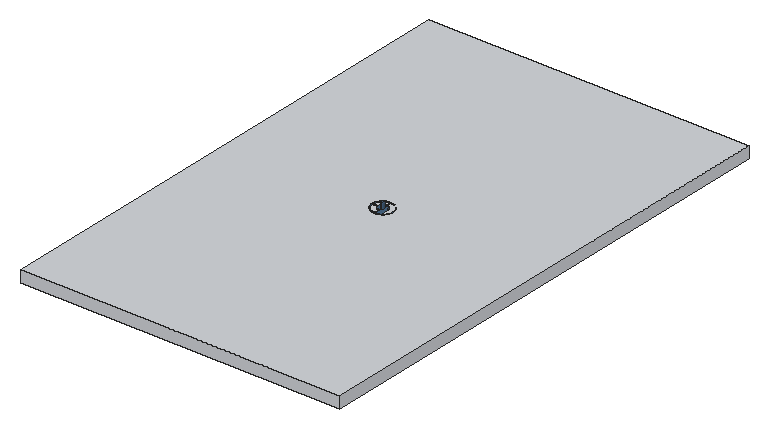
Revit family "Rough-In_Valve-3-Way_Diveter-Grohe-29903000", category Plumbing Fixtures, host Face, Revit 2019
Family settings
  Host = Face
  Round Connector Dimension = Use Radius
  Part Type = Normal
  OmniClass Number = 23.65.55.14.11
  OmniClass Title = Inlet/Outlet Valves for Liquid Services
  Cut with Voids When Loaded = No
  Shared = Yes
  Room Calculation Point = No
Parameters (values of type "29903000")
  Width = 3 1/8"  # constant formula
  Waste Connection = no
  Warranty Information = "Limited lifetime warranty"  # constant formula
  Warranty Documentation Link = "https://www.grohe.us/en_us/our-service/warranty/"
  Wall Thickness Constraint [instance] = if(Wall Thickness < 1 5/16", 1 5/16", if(Wall Thickness > 2 1/16", 2 1/16", Wall Thickness))  # 1 5/16"
  Wall Thickness [instance] = 1 5/16"
  WFU = 0  # constant formula
  Vent Connection = no
  URL = "https://www.grohe.us/"
  Type Comments = ""
  Tub Port Connection Description = if(Tub Port, "1/2'' NPT Tub Port Outlet ", "")  # "1/2'' NPT Tub Port Outlet "
  Tub Port = yes
  Tub Connection Radius = Tub Connection Diameter / 2  # 1/4"
  Tub Connection Diameter = if(Tub Port, 1/2", 0")  # 1/2"
  Tempered Water Connection Radius = Tempered Water Connection Diameter / 2  # 1/4"
  Tempered Water Connection Diameter = 1/2"  # constant formula
  Product Page URL = "https://www.grohe.us/Diverter-Valves-Trims/3-Way-Diverter-Rough-In-Valve-Shared-Functions/GROHE-NO-FINISH-29903000"
  Product Documentation Link = "https://americanstandard.box.com/shared/static/p2yo05x6sionpu55we6yda8c4tx4sanp.pdf"
  Price = "Prices may vary. Please consult Manufacturer Representative for most up-to-date price list."  # constant formula
  Model = "29903000"
  Material = "Brass-Grohe-Chrome"
  Manufacturer = "Grohe"
  Length = 3 1/8"  # constant formula
  Installation Type = "Wall Mounted"  # constant formula
  Hot Water Connection Radius = Hot Water Connection Diameter / 2  # 1/4"
  Hot Water Connection Diameter = 1/2"  # constant formula
  Height = 3 1/8"  # constant formula
  HWFU = 0  # constant formula
  HW Connection = yes
  Finish = Brass-Grohe-Chrome
  Description = "3-Way Diverter Rough-In Valve (Shared Functions)"
  Default Elevation = 40"  # constant formula
  Creation Date = "28/6/2021"  # constant formula
  Cold Water Connection Radius = Cold Water Connection Diameter / 2  # 1/4"
  Cold Water Connection Diameter = 1/2"  # constant formula
  CalGreen Compliant = yes
  CWFU = 0  # constant formula
  CW Connection = yes
  Assembly Code = "D2010710"
  ADA Compliant = yes
Reference planes (in)
  plane 1 "Center (Front/Back)": y = 0
  plane 2: z = -1.32065
  plane 3 "Center (Left/Right)": x = 0
  plane 4: x = 1.5625
  plane 5: y = 1.5625
  plane 6: x = -1.5625
  plane 7: y = -1.5625
  plane 8: x = -0.25
  plane 9: y = 0.25
  plane 10: x = 0.25
  plane 11: y = -0.25
  plane 12: z = -2.375
  plane 13: y = 1.00976
  plane 14: y = -1.00976
  plane 15: x = -0.01
  plane 16: y = 0.01
  plane 17: x = 0.01
  plane 18: y = 0.01
  plane 19: x = -0.01
  plane 20: y = -0.01
  plane 21: z = -0.75
  plane 22: z = -3.125
  plane 23: x = -1
Forms (in)
  Extrusion 1, solid
    sketch origin (0, 0, 0) x (1, 0, 0) y (0, 1, 0)
      loop
        line (-0.2711, 0.2711) -> (-0.2711, -0.2711) -> (0.27039, -0.2711) -> (0.27039, 0.2711) -> (-0.2711, 0.2711)
    from -1.32065 to -1.625
  Revolve 2, solid, material "Plastic-Grohe-Blue"
    sketch origin (0, 0, 0) x (0, 1, 0) y (0, 0, 1)
      loop
        line (0, 0.58916) -> (0, -2.375) -> (1.09732, -2.375) -> (1.09732, -0.74963) -> (1.16598, -0.74963) -> (1.16598, 0) -> (0.16598, 0) -> (0.16598, 0.58916) -> (0, 0.58916)
      axis (0, 0.58916) -> (0, -2.375)
    angle from 0 to 360
  Extrusion 3, void
    sketch origin (0, 0, 0) x (1, 0, 0) y (0, 1, 0)
      loop
        arc (-0.01, 1.10623) -> (-0.80558, 0.80038) -> (-1.12461, 0.01) r 1.06897
        line (-1.12461, 0.01) -> (-0.51, 0.01)
        arc (-0.51, 0.01) -> (-0.36355, 0.36355) -> (-0.01, 0.51) r 0.5
        line (-0.01, 0.51) -> (-0.01, 1.10623)
    from -0.73484 to 0.58916
  Extrusion 4, void
    sketch origin (0, 0, 0) x (-1, 0, 0) y (0, -1, 0)
      loop
        line (-0.01, -1.10623) -> (-0.01, -0.51)
        arc (-0.01, -0.51) -> (-0.36355, -0.36355) -> (-0.51, -0.01) r 0.5
        line (-0.51, -0.01) -> (-1.12461, -0.01)
        arc (-1.12461, -0.01) -> (-0.80558, -0.80038) -> (-0.01, -1.10623) r 1.06897
    from -0.73484 to 0.58916
  Extrusion 5, void
    sketch origin (0, 0, 0) x (1, 0, 0) y (0, 1, 0)
      loop
        line (-0.01, -1.10623) -> (-0.01, -0.51)
        arc (-0.01, -0.51) -> (-0.36355, -0.36355) -> (-0.51, -0.01) r 0.5
        line (-0.51, -0.01) -> (-1.12461, -0.01)
        arc (-1.12461, -0.01) -> (-0.80558, -0.80038) -> (-0.01, -1.10623) r 1.06897
    from -0.73484 to 0.58916
  Extrusion 6, solid
    sketch origin (0, 0, 0) x (1, 0, 0) y (0, 1, 0)
      loop
        line (-17.39994, 28) -> (-17.39994, -27.79609) -> (17.60006, -27.79609) -> (17.60006, 28) -> (-17.39994, 28)
    from 0 to -1.3125
  Revolve 7, solid, material "Brass-Grohe-Chrome" <- "Finish"
    sketch origin (0, 0, -2.875) x (0, -1, 0) y (1, 0, 0)
      loop
        line (0, 1.5625) -> (-0.21555, 1.5625) -> (-0.25, 1.52805) -> (-0.25, -1.52805) -> (-0.21555, -1.5625) -> (0, -1.5625) -> (0, 1.5625)
      axis (0, 1.5625) -> (0, -1.5625)
    angle from 0 to 360
  Revolve 8, solid, material "Brass-Grohe-Chrome" <- "Finish"
    sketch origin (0, 0, -2.875) x (1, 0, 0) y (0, 1, 0)
      loop
        line (0, 1.5625) -> (-0.21555, 1.5625) -> (-0.25, 1.52805) -> (-0.25, -1.52805) -> (-0.21555, -1.5625) -> (0, -1.5625) -> (0, 1.5625)
      axis (0, 1.5625) -> (0, -1.5625)
    angle from 0 to 360
  Extrusion 9, solid, material "Brass-Grohe-Chrome" <- "Finish"
    sketch origin (0, 0, -2.875) x (1, 0, 0) y (0, 1, 0)
      loop
        line (-1.01336, 0.47965) -> (-1.01336, -0.9158)
        arc (-1.01336, -0.9158) -> (-0.94014, -1.09258) -> (-0.76336, -1.1658) r 0.25
        line (-0.76336, -1.1658) -> (0.76336, -1.1658)
        arc (0.76336, -1.1658) -> (0.94014, -1.09258) -> (1.01336, -0.9158) r 0.25
        line (1.01336, -0.9158) -> (1.01336, 0.47965)
        arc (1.01336, 0.47965) -> (1.22795, 0.79661) -> (0.86525, 0.67431) r 0.20197
        line (0.86525, 0.67431) -> (-0.86525, 0.67431)
        arc (-0.86525, 0.67431) -> (-1.22795, 0.79661) -> (-1.01336, 0.47965) r 0.20197
      loop
        circle (-1.06722, 0.67431) r 0.07887
      loop
        circle (1.06722, 0.67431) r 0.07887
      loop
        circle (0.77388, -0.95456) r 0.07699
      loop
        circle (-0.77587, -0.94787) r 0.05356
    from 0 to 0.0625
  Extrusion 10, solid, material "Brass-Grohe-Chrome" <- "Finish"
    sketch origin (0, 0, -0.5) x (1, 0, 0) y (0, 0, 1)
      loop
        line (-0.72839, -2.625) -> (0.72839, -2.625)
        arc (0.72839, -2.625) -> (0.97839, -2.375) -> (0.72839, -2.125) r 0.25
        line (0.72839, -2.125) -> (-0.72839, -2.125)
        arc (-0.72839, -2.125) -> (-0.97839, -2.375) -> (-0.72839, -2.625) r 0.25
    from -1.08967 to -0.00213
  Extrusion 11, solid, material "Brass-Grohe-Chrome" <- "Finish"
    sketch origin (-0.01122, 0, -0.5) x (1, 0, 0) y (0, 1, 0)
      loop
        circle (0, 0) r 1.00976
    from -2.375 to -1.875
Cuts and joins
  Extrusion 3, Extrusion 4, Extrusion 5 cuts Revolve 2
Lines and regions (in)
  Masking region 1
    outline origin (0, 0, 0) x (1, 0, 0) y (0, 0, 1)
      loop
        line (0.16598, 0.58916) -> (-0.16598, 0.58916) -> (-0.16598, 0) -> (0.16598, 0) -> (0.16598, 0.58916)
Dimensions and locks (in)
  equal spacing: plane 11, plane 1 "Center (Front/Back)", plane 9
  plane 9 to plane 11 = 1/2"
  equal spacing: plane 8, plane 3 "Center (Left/Right)", plane 10
  plane 8 to plane 10 = 1/2"
  equal spacing: plane 5, plane 1 "Center (Front/Back)", plane 7
  "Height": plane 5 to plane 7
  equal spacing: plane 6, plane 3 "Center (Left/Right)", plane 4
  "Width": plane 6 to plane 4
  level to plane 12 = 2 3/8"
  locked: plane 22 to level at 3.125
  locked: plane 22 to plane 21 at 2.375
  Extrusion 6 to plane 21 = 3/4"
  "Wall Thickness Constraint": Extrusion 6 to Extrusion 6
  aligned and locked: plane 2 to Extrusion 1
  aligned and locked: Extrusion 3 sketch curve to plane 15
  aligned and locked: plane 16 to Extrusion 3 sketch curve
  aligned and locked: plane 17 to Extrusion 4 sketch curve
  aligned and locked: Extrusion 4 sketch curve to plane 18
  aligned and locked: plane 19 to Extrusion 5 sketch curve
  aligned and locked: Extrusion 5 sketch curve to plane 20
  aligned and locked: cut or joined group of Revolve 2, Extrusion 3, Extrusion 4, Extrusion 5 to Extrusion 11
Automatic sketch dimensions
  Extrusion 1 sketch curve to Extrusion 1 sketch curve = 0.54149"
  Extrusion 1 sketch curve to Extrusion 1 sketch curve = 0.54221"
  Revolve 2 sketch curve to plane 1 "Center (Front/Back)" = 0"  (x2)
  Revolve 2 sketch curve to level = 0"
  Revolve 2 sketch curve to plane 9 = 0.08402"
  plane 13 to Revolve 2 sketch curve = 0.08756"
  Revolve 2 sketch curve to Revolve 2 sketch curve = 0.06866"
  plane 21 to Revolve 2 sketch curve = 0.00037"
  Revolve 2 sketch curve to plane 12 = 0"
  Revolve 2 sketch curve to Revolve 2 sketch curve = 0.58916"
  level to Revolve 2 sketch curve = 0.02697"
  Revolve 2 sketch curve to Revolve 2 sketch curve = 0.43781"
  plane 16 to Extrusion 3 sketch curve = 0.02825"
  Extrusion 3 sketch curve to plane 15 = 0.04602"
  plane 8 to Extrusion 3 sketch curve = 0.26"
  Extrusion 3 sketch curve to plane 6 = 0.43789"
  plane 17 to Extrusion 4 sketch curve = 0.04602"
  Extrusion 4 sketch curve to plane 10 = 0.26"
  plane 4 to Extrusion 4 sketch curve = 0.43789"
  Extrusion 4 sketch curve to plane 18 = 0.02825"
  Extrusion 5 sketch curve to plane 20 = 0.02825"
  plane 19 to Extrusion 5 sketch curve = 0.04602"
  Extrusion 5 sketch curve to plane 8 = 0.26"
  plane 6 to Extrusion 5 sketch curve = 0.43789"
  plane 6 to Extrusion 6 sketch curve = 15.83744"
  plane 4 to Extrusion 6 sketch curve = 16.03756"
  plane 7 to Extrusion 6 sketch curve = 26.23359"
  plane 5 to Extrusion 6 sketch curve = 26 7/16"
  Masking region 1 sketch curve to level = 0"
  Masking region 1 sketch curve to plane 8 = 0.08402"
  Masking region 1 sketch curve to plane 10 = 0.08402"
  level to Masking region 1 sketch curve = 0.58916"
  Revolve 7 sketch curve to plane 9 = 0"
  Revolve 7 sketch curve to plane 6 = 0"
  Revolve 7 sketch curve to plane 4 = 0"
  plane 1 "Center (Front/Back)" to Revolve 7 sketch curve = 0"  (x2)
  Revolve 7 sketch curve to plane 9 = 0.03445"  (x2)
  Revolve 7 sketch curve to plane 6 = 0.03445"
  Revolve 7 sketch curve to plane 4 = 0.03445"
  plane 4 to Revolve 7 sketch curve = 2.32496"
  Revolve 7 sketch curve to Revolve 7 sketch curve = 0.33834"
  Revolve 8 sketch curve to plane 8 = 0"
  plane 7 to Revolve 8 sketch curve = 0"
  Revolve 8 sketch curve to plane 5 = 0"
  Revolve 8 sketch curve to plane 3 "Center (Left/Right)" = 0"  (x2)
  Revolve 8 sketch curve to plane 8 = 0.03445"  (x2)
  Revolve 8 sketch curve to plane 7 = 0.03445"
  Revolve 8 sketch curve to plane 5 = 0.03445"
  Revolve 8 sketch curve to Revolve 8 sketch curve = 2.32496"
  Revolve 8 sketch curve to Revolve 8 sketch curve = 0.33834"
  Extrusion 9 sketch curve to Extrusion 9 sketch curve = 0"  (x6)
  Extrusion 9 sketch curve to plane 6 = 0.49528"
  Extrusion 9 sketch curve to plane 14 = 0.09396"  (x2)
  Extrusion 9 sketch curve to plane 6 = 0.54914"
  Extrusion 9 sketch curve to Extrusion 9 sketch curve = 0.20197"
  Extrusion 9 sketch curve to plane 14 = 0.06189"
  Extrusion 9 sketch curve to Extrusion 9 sketch curve = 0.23749"
  plane 14 to Extrusion 9 sketch curve = 0.15604"
  plane 10 to Extrusion 9 sketch curve = 0.51336"
  Extrusion 9 sketch curve to Extrusion 9 sketch curve = 0.01052"
  Extrusion 9 sketch curve to Extrusion 9 sketch curve = 0.14811"
  Extrusion 9 sketch curve to Extrusion 9 sketch curve = 0.05386"
  Extrusion 9 sketch curve to Extrusion 9 sketch curve = 0.03876"
  Extrusion 9 sketch curve to plane 13 = 0.33545"
  Extrusion 10 sketch curve to plane 22 = 0"
  Extrusion 10 sketch curve to plane 23 = 0.27161"
  Extrusion 10 sketch curve to plane 12 = 1/4"
  plane 10 to Extrusion 10 sketch curve = 0.47839"
  plane 1 "Center (Front/Back)" to Extrusion 11 sketch curve = 0"
  Extrusion 11 sketch curve to plane 3 "Center (Left/Right)" = 0.01122"
  radius of Extrusion 9 sketch curve = 0.07887"  (x2)
  radius of Extrusion 9 sketch curve = 0.07699"
  radius of Extrusion 9 sketch curve = 0.05356"
  radius of Extrusion 11 sketch curve = 1.00976"
Connectors (in)
  piping at (0, -1.5625, -2.875), diameter 0.5, driven by "Tub Connection Radius", driven by "Tub Port Connection Description"
    settings: on Revolve 8, index 1, connector inside diameter 24", connector length 0", flow factor 0, pipe flow 0 GPM, pressure drop 0.00 psi, fitting loss kfactor 0, connector angle 0.00°, fixture units 0, engagement length 0", angle of deflection 0.00°, flow configuration 0, flow direction 2, fitting loss method 0, system type 7, joint type 0, gender type 0, connector reference index -1, connector utility 0, adjustable connector no, is connector primary yes, connector description "1/2'' NPT Tub Port Outlet "
  piping at (-1.5625, 0, -2.875), diameter 0.5, driven by "Tempered Water Connection Radius"
    settings: on Revolve 7, index 2, connector inside diameter 24", connector length 0", flow factor 0, pipe flow 0 GPM, pressure drop 0.00 psi, fitting loss kfactor 0, connector angle 0.00°, fixture units 0, engagement length 0", angle of deflection 0.00°, flow configuration 0, flow direction 1, fitting loss method 0, system type 7, joint type 0, gender type 0, connector reference index -1, connector utility 0, adjustable connector no, is connector primary no, connector description "1/2\" NPT Supply Inlet"
  piping at (1.5625, 0, -2.875), diameter 0.5, driven by "Tempered Water Connection Radius"
    settings: on Revolve 7, index 3, connector inside diameter 24", connector length 0", flow factor 0, pipe flow 0 GPM, pressure drop 0.00 psi, fitting loss kfactor 0, connector angle 0.00°, fixture units 0, engagement length 0", angle of deflection 0.00°, flow configuration 0, flow direction 2, fitting loss method 0, system type 7, joint type 0, gender type 0, connector reference index -1, connector utility 0, adjustable connector no, is connector primary no, connector description "1/2\" NPT Port Outlet"
  piping at (0, 1.5625, -2.875), diameter 0.5, driven by "Tempered Water Connection Radius"
    settings: on Revolve 8, index 4, connector inside diameter 24", connector length 0", flow factor 0, pipe flow 0 GPM, pressure drop 0.00 psi, fitting loss kfactor 0, connector angle 0.00°, fixture units 0, engagement length 0", angle of deflection 0.00°, flow configuration 0, flow direction 2, fitting loss method 0, system type 7, joint type 0, gender type 0, connector reference index -1, connector utility 0, adjustable connector no, is connector primary no, connector description "1/2\" NPT Shower Port Outlet"
